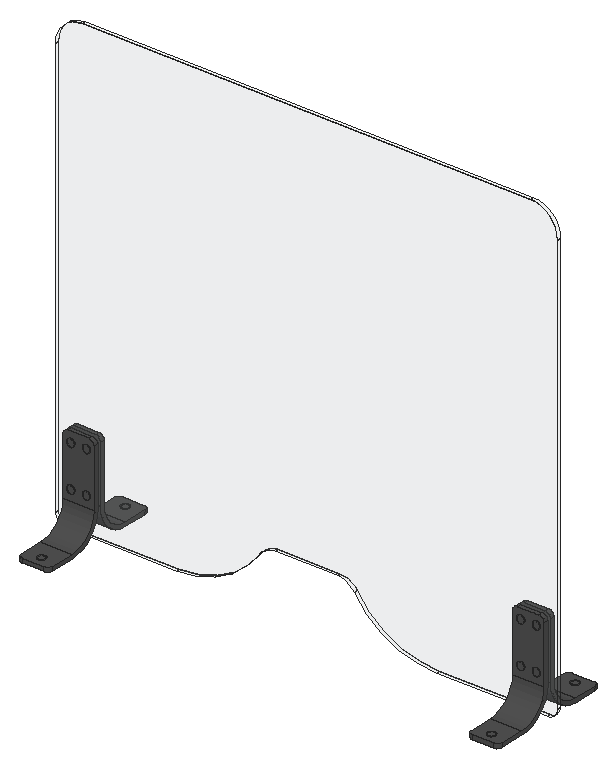
Revit family "Clarus_beShield_Front & Back Bolt Legs_R18", category Furniture, host Face, Revit 2018
Family settings
  Host = Face
  Cut with Voids When Loaded = No
  Shared = No
  Room Calculation Point = No
Parameters (values of type "48" x 44"")
  Window [instance] = yes
  Width = 48"
  URL = "https://www.clarus.com/"
  TRC Standards [instance] = "http://therevitcollection.com/news/trc-news-the-revit-collection-standards-explained/"
  Shield [instance] = not(Window)  # no
  Product URL = "https://www.clarus.com/be-shield/"
  More Revit Families! [instance] = "www.therevitcollection.com"
  Modeled By = "Commense Studio"  # constant formula
  Model = "be! Shield"  # constant formula
  Manufacturer = "Clarus"  # constant formula
  Leg Finish [instance] = Clarus Black
  Glass Depth = 3/8"
  Clarus Glass [instance] = Glass
  Description = "be! Shield is elegantly engineered to add a seamless layer of non-porous, antimicrobial tempered glass to ensure the health and safety of patrons and employees. It’s the perfect solution for the collaborative needs of your workspace."  # constant formula
  Height = 44"
  Designer = ""
  Depth = 12"  # constant formula
  Default Elevation = 0"
  Assembly Code = ""
Types (7): name | Width | Leg Finish | Height
  (no name) | 48" | Clarus Black | 44"
  36" x 24" | 36" | Clarus Black | 24"
  48" x 24" | 48" | Clarus White | 24"
  36" x 34" | 36" | Clarus White | 34"
  48" x 34" | 48" | Clarus Black | 34"
  36" x 44" | 36" | Clarus Black | 44"
  48" x 44" | 48" | Clarus Black | 44"
Reference planes (in)
  plane 1 "Center (Front/Back)": y = 0
  plane 2: z = 0
  plane 3 "Center (Left/Right)": x = 0
  plane 4 "L": x = -24
  plane 5 "R": x = 24
  plane 6 "B": y = 0.1875
  plane 7 "F": y = -0.1875
  plane 8: z = 44
  plane 9: x = 12.5
  plane 10: x = -12.5
  plane 11: z = 5.25
  plane 12: x = -21.5
  plane 13: x = 21.5
Forms (in)
  Extrusion 1, solid, material "Glass" <- "Clarus Glass", visible <- "Window"
    sketch origin (0, 0, 0) x (1, 0, 0) y (0, 0, 1)
      loop
        arc (-21.375, 44) -> (-23.23116, 43.23116) -> (-24, 41.375) r 2.625
        line (-24, 41.375) -> (-24, 1.25)
        arc (-24, 1.25) -> (-23.70711, 0.54289) -> (-23, 0.25) r 1
        line (-23, 0.25) -> (-12.42908, 0.25)
        arc (-12.42908, 0.25) -> (-7.99968, 1.34581) -> (-4.59213, 4.38043) r 9.5
        arc (-4.59213, 4.38043) -> (-3.87475, 5.0193) -> (-2.94225, 5.25) r 2
        line (-2.94225, 5.25) -> (2.94225, 5.25)
        arc (2.94225, 5.25) -> (3.87475, 5.0193) -> (4.59213, 4.38043) r 2
        arc (4.59213, 4.38043) -> (7.99968, 1.34581) -> (12.42908, 0.25) r 9.5
        line (12.42908, 0.25) -> (23, 0.25)
        arc (23, 0.25) -> (23.70711, 0.54289) -> (24, 1.25) r 1
        line (24, 1.25) -> (24, 41.375)
        arc (24, 41.375) -> (23.23116, 43.23116) -> (21.375, 44) r 2.625
        line (21.375, 44) -> (-21.375, 44)
    from -0.1875 to 0.1875
  Extrusion 2, solid, material "Glass" <- "Clarus Glass", visible <- "Shield"
    sketch origin (0, 0, 0) x (1, 0, 0) y (0, 0, 1)
      loop
        arc (-21.375, 44) -> (-23.23116, 43.23116) -> (-24, 41.375) r 2.625
        line (-24, 41.375) -> (-24, 1.25)
        arc (-24, 1.25) -> (-23.70711, 0.54289) -> (-23, 0.25) r 1
        line (-23, 0.25) -> (23, 0.25)
        arc (23, 0.25) -> (23.70711, 0.54289) -> (24, 1.25) r 1
        line (24, 1.25) -> (24, 41.375)
        arc (24, 41.375) -> (23.23116, 43.23116) -> (21.375, 44) r 2.625
        line (21.375, 44) -> (-21.375, 44)
    from -0.1875 to 0.1875
Dimensions and locks (in)
  equal spacing: plane 4 "L", plane 3 "Center (Left/Right)", plane 5 "R"
  "Width": plane 4 "L" to plane 5 "R"
  equal spacing: plane 7 "F", plane 1 "Center (Front/Back)", plane 6 "B"
  "Glass Depth": plane 7 "F" to plane 6 "B"
  "Height": plane 8 to level
  plane 10 to plane 3 "Center (Left/Right)" to plane 9 = 12 1/2", 12 1/2"
  plane 11 to level = 5 1/4"
  locked: plane 4 "L" to plane 12 at 2.5
  locked: plane 13 to plane 5 "R" at 2.5
  aligned and locked: plane 2 to host face
  aligned and locked: level to host face
  aligned and locked: Extrusion 1 sketch curve to plane 11
  aligned and locked: Extrusion 1 to plane 6 "B"
  aligned and locked: plane 7 "F" to Extrusion 1
  aligned and locked: nested 1 to plane 12
  aligned and locked: plane 13 to nested 2
  aligned and locked: plane 4 "L" to Extrusion 2 sketch curve
  aligned and locked: Extrusion 2 sketch curve to plane 5 "R"
  aligned and locked: Extrusion 2 sketch curve to plane 8
Automatic sketch dimensions
  host sketch curve to host sketch curve = 96"  (x2)
  Extrusion 1 sketch curve to plane 4 "L" = 0"
  Extrusion 1 sketch curve to plane 8 = 0"
  Extrusion 1 sketch curve to plane 5 "R" = 0"
  level to Extrusion 1 sketch curve = 1/4"  (x2)
  plane 4 "L" to Extrusion 1 sketch curve = 1"
  plane 4 "L" to Extrusion 1 sketch curve = 2 5/8"
  Extrusion 1 sketch curve to plane 3 "Center (Left/Right)" = 2.94225"
  plane 3 "Center (Left/Right)" to Extrusion 1 sketch curve = 2.94225"
  Extrusion 1 sketch curve to plane 9 = 0.07092"
  Extrusion 1 sketch curve to Extrusion 1 sketch curve = 2 5/8"
  Extrusion 1 sketch curve to plane 5 "R" = 1"
  Extrusion 1 sketch curve to plane 11 = 2"  (x2)
  plane 11 to Extrusion 1 sketch curve = 4 1/2"  (x2)
  Extrusion 1 sketch curve to plane 10 = 0.07092"
  level to Extrusion 2 sketch curve = 1/4"
  plane 4 "L" to Extrusion 2 sketch curve = 1"
  Extrusion 2 sketch curve to plane 12 = 1/8"
  Extrusion 2 sketch curve to plane 13 = 1/8"
  Extrusion 2 sketch curve to Extrusion 2 sketch curve = 1"
Nested families (in)
  nested 1: "Clarus_beShield_F&B Bolt_R18" at (-21.5, 0.5625, 0), Core Finish <- "Leg Finish", type "Front & Back"
    with TRC Standards "http://therevitcollection.com/news/trc-news-the-revit-collection-standards-explained/", More Revit Families! "www.therevitcollection.com", Core Finish Clarus Black
  nested 2: "Clarus_beShield_F&B Bolt_R18" at (21.5, 0.5625, 0), Core Finish <- "Leg Finish", type "Front & Back"
    with TRC Standards "http://therevitcollection.com/news/trc-news-the-revit-collection-standards-explained/", More Revit Families! "www.therevitcollection.com", Core Finish Clarus Black
Definition of nested family "Clarus_beShield_F&B Bolt_R18"
  Parameters (values of type "Front & Back")
    Width = 3"  # constant formula
    URL = "https://www.clarus.com/"
    TRC Standards [instance] = "http://therevitcollection.com/news/trc-news-the-revit-collection-standards-explained/"
    Product URL = "https://www.clarus.com/be-shield/"
    More Revit Families! [instance] = "www.therevitcollection.com"
    Modeled By = "Commense Studio"  # constant formula
    Model = "be! Shield"  # constant formula
    Manufacturer = "Clarus"  # constant formula
    D Control = Depth / 2  # 6"
    Core Finish [instance] = none
    Description = "be! Shield Leg Configs"  # constant formula
    Height = 9"  # constant formula
    Designer = ""
    Depth = 12"
    Default Elevation = 0"
    Assembly Code = ""
  Reference planes (in)
    plane 1 "Center (Front/Back)": y = 0
    plane 2: z = 0
    plane 3 "Center (Left/Right)": x = 0
    plane 4 "L": x = -1.5
    plane 5 "R": x = 1.5
    plane 6: z = 9
    plane 7: y = -0.375
    plane 8: y = -0.75
    plane 9: y = 5.4375
    plane 10 "cl": y = -0.5625
    plane 11: y = -6.5625
    plane 12: y = -1.125
    plane 13: y = -5.5625
    plane 14: y = -2.5625
    plane 15: y = -8.39063
    plane 16: y = -7.73438
  Forms (in)
    Extrusion 1, solid
      sketch origin (0, 0, 0) x (1, 0, 0) y (0, 1, 0)
        loop
          line (-48, 48) -> (-48, -48) -> (48, -48) -> (48, 48) -> (-48, 48)
      from 0 to -12
    Extrusion 2, solid, material <- "Core Finish"
      sketch origin (0, -0.75984, 0) x (1, 0, 0) y (0, 0, 1)
        loop
          arc (-1, 9) -> (-1.35355, 8.85355) -> (-1.5, 8.5) r 0.5
          line (-1.5, 8.5) -> (-1.5, 3.00001) -> (1.5, 3.00001) -> (1.5, 8.5)
          arc (1.5, 8.5) -> (1.35355, 8.85355) -> (1, 9) r 0.5
          line (1, 9) -> (-1, 9)
      from -0.00984 to 0.36516
    Extrusion 3, void
      sketch origin (0, 0, 0) x (1, 0, 0) y (0, 0, 1)
        loop
          circle (-0.75197, 8.00344) r 0.37503
        loop
          circle (-0.75197, 8.00344) r 0.3594
        loop
          circle (0.75197, 8.00344) r 0.37503
        loop
          circle (0.75197, 8.00344) r 0.3594
        loop
          circle (-0.75197, 4.00344) r 0.37503
        loop
          circle (-0.75197, 4.00344) r 0.3594
        loop
          circle (0.75197, 4.00344) r 0.37503
        loop
          circle (0.75197, 4.00344) r 0.3594
      from 0 to 2
    Extrusion 4, solid, material <- "Core Finish"
      sketch origin (10.61611, 0, 0) x (0, 0, 1) y (0, -1, 0)
        loop
          line (0.375, 3.75) -> (0.375, 6.5625) -> (0, 6.5625) -> (0, 3.75)
          arc (0, 3.75) -> (0.87868, 1.62868) -> (3, 0.75) r 3
          line (3, 0.75) -> (3, 1.125)
          arc (3, 1.125) -> (1.14385, 1.89384) -> (0.375, 3.75) r 2.625
        loop
          arc (0.375, -2.625) -> (1.14385, -0.76884) -> (3, 0) r 2.625
          line (3, 0) -> (3, 0.375)
          arc (3, 0.375) -> (0.87868, -0.50368) -> (0, -2.625) r 3
          line (0, -2.625) -> (0, -5.4375) -> (0.375, -5.4375) -> (0.375, -2.625)
      from -12.11611 to -9.11611
    Extrusion 5, solid, material <- "Core Finish"
      sketch origin (0, -0.75984, 0) x (1, 0, 0) y (0, 0, 1)
        loop
          arc (-1, 9) -> (-1.35355, 8.85355) -> (-1.5, 8.5) r 0.5
          line (-1.5, 8.5) -> (-1.5, 3.00001) -> (1.5, 3.00001) -> (1.5, 8.5)
          arc (1.5, 8.5) -> (1.35355, 8.85355) -> (1, 9) r 0.5
          line (1, 9) -> (-1, 9)
      from -0.75984 to -0.38484
    Extrusion 6, void
      sketch origin (0, 11.80266, 0) x (1, 0, 0) y (0, 1, 0)
        loop
          line (-1, -6.36516) -> (-1.5, -6.36516) -> (-1.5, -6.86516)
          arc (-1.5, -6.86516) -> (-1.35355, -6.5116) -> (-1, -6.36516) r 0.5
        loop
          arc (1, -6.36516) -> (1.35355, -6.5116) -> (1.5, -6.86516) r 0.5
          line (1.5, -6.86516) -> (1.5, -6.36516) -> (1, -6.36516)
        loop
          arc (-1, -18.36516) -> (-1.35355, -18.21871) -> (-1.5, -17.86516) r 0.5
          line (-1.5, -17.86516) -> (-1.5, -18.36516) -> (-1, -18.36516)
        loop
          line (1, -18.36516) -> (1.5, -18.36516) -> (1.5, -17.86516)
          arc (1.5, -17.86516) -> (1.35355, -18.21871) -> (1, -18.36516) r 0.5
      from 0 to 0.5
    Extrusion 7, void
      sketch origin (0, 0, 0) x (1, 0, 0) y (0, 1, 0)
        loop
          circle (0, -5.5625) r 0.37503
        loop
          circle (0, -5.5625) r 0.3594
        loop
          circle (0, 4.4375) r 0.37503
        loop
          circle (0, 4.4375) r 0.3594
      from 0 to 0.5
  Cuts and joins
    Extrusion 3, Extrusion 7 cuts Extrusion 2
    Extrusion 6, Extrusion 7 cuts Extrusion 4
    Extrusion 3, Extrusion 7 cuts Extrusion 5
    joined: Extrusion 2, Extrusion 4, Extrusion 5
  Dimensions and locks (in)
    equal spacing: plane 4 "L", plane 3 "Center (Left/Right)", plane 5 "R"
    "Width": plane 4 "L" to plane 5 "R"
    "Height": plane 6 to level
    plane 8 to plane 7 to plane 1 "Center (Front/Back)" = 3/8" locked, 3/8"
    "D Control": plane 10 "cl" to plane 9
    "D Control": plane 10 "cl" to plane 11
    plane 11 to plane 13 to plane 14 = 1" locked, 3" locked
    aligned and locked: plane 2 to Extrusion 1
    aligned and locked: level to Extrusion 1
    aligned and locked: Extrusion 5 to plane 1 "Center (Front/Back)"
    aligned and locked: plane 7 to Extrusion 5
    aligned and locked: cut or joined group of Extrusion 2, Extrusion 3, Extrusion 4, Extrusion 5, Extrusion 6, Extrusion 7 to plane 8
    aligned and locked: plane 12 to cut or joined group of Extrusion 2, Extrusion 3, Extrusion 4, Extrusion 5, Extrusion 6, Extrusion 7
  Automatic sketch dimensions
    Extrusion 1 sketch curve to Extrusion 1 sketch curve = 96"  (x2)
    Extrusion 2 sketch curve to plane 4 "L" = 0"
    Extrusion 2 sketch curve to plane 6 = 0"
    Extrusion 2 sketch curve to plane 5 "R" = 0"
    plane 4 "L" to Extrusion 2 sketch curve = 1/2"
    Extrusion 2 sketch curve to plane 5 "R" = 1/2"
    level to Extrusion 2 sketch curve = 3"
    Extrusion 3 sketch curve to Extrusion 3 sketch curve = 0"  (x9)
    plane 4 "L" to Extrusion 3 sketch curve = 0.74803"  (x2)
    Extrusion 3 sketch curve to plane 5 "R" = 0.74803"  (x2)
    level to Extrusion 3 sketch curve = 4.00344"
    Extrusion 3 sketch curve to plane 6 = 0.99656"  (x2)
    Extrusion 4 sketch curve to plane 9 = 0"
    Extrusion 4 sketch curve to plane 11 = 0"
    Extrusion 4 sketch curve to plane 12 = 0"
    Extrusion 4 sketch curve to plane 1 "Center (Front/Back)" = 0"
    level to Extrusion 4 sketch curve = 0"  (x2)
    Extrusion 4 sketch curve to Extrusion 4 sketch curve = 3/8"  (x2)
    level to Extrusion 4 sketch curve = 3"
    Extrusion 4 sketch curve to Extrusion 4 sketch curve = 2 5/8"
    Extrusion 4 sketch curve to plane 1 "Center (Front/Back)" = 2 5/8"
    Extrusion 4 sketch curve to Extrusion 4 sketch curve = 0"  (x4)
    plane 8 to Extrusion 4 sketch curve = 0"
    Extrusion 5 sketch curve to plane 4 "L" = 0"
    Extrusion 5 sketch curve to plane 6 = 0"
    Extrusion 5 sketch curve to plane 5 "R" = 0"
    plane 4 "L" to Extrusion 5 sketch curve = 1/2"
    Extrusion 5 sketch curve to plane 5 "R" = 1/2"
    level to Extrusion 5 sketch curve = 3"
    Extrusion 6 sketch curve to plane 4 "L" = 0"  (x4)
    plane 9 to Extrusion 6 sketch curve = 0"  (x2)
    Extrusion 6 sketch curve to plane 11 = 0"  (x2)
    Extrusion 6 sketch curve to plane 5 "R" = 0"  (x4)
    plane 4 "L" to Extrusion 6 sketch curve = 1/2"  (x2)
    Extrusion 6 sketch curve to Extrusion 6 sketch curve = 1/2"  (x2)
    Extrusion 6 sketch curve to Extrusion 6 sketch curve = 0"  (x8)
    Extrusion 7 sketch curve to Extrusion 7 sketch curve = 0"  (x4)
    Extrusion 7 sketch curve to plane 3 "Center (Left/Right)" = 0"  (x2)
    plane 13 to Extrusion 7 sketch curve = 0"
    plane 9 to Extrusion 7 sketch curve = 1"
    radius of Extrusion 3 sketch curve = 0.37503"  (x4)
    radius of Extrusion 3 sketch curve = 0.3594"  (x4)
    radius of Extrusion 7 sketch curve = 0.37503"  (x2)
    radius of Extrusion 7 sketch curve = 0.3594"  (x2)
